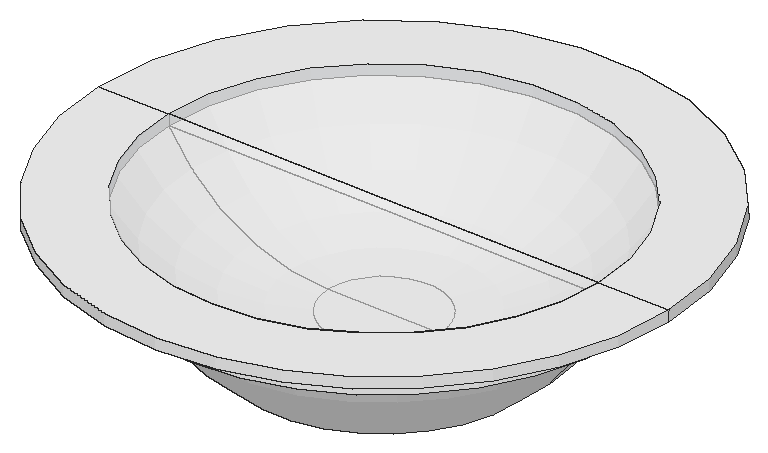
Revit family "0030332 Sylvania Lighting Fixture START Downlight 150 IP44 DALI 1150Lm 830", category Lighting Fixtures, host Face, Revit 2016
Family settings
  Host = Face
  Part Type = Normal
  Round Connector Dimension = Use Diameter
  OmniClass Number = 23.80.70.00
  OmniClass Title = Lighting
  Cut with Voids When Loaded = No
  Light Source = Yes
  Shared = No
  Room Calculation Point = No
Parameters (values of type "0030332 ST DOWNLIGHT 150 IP44 DALI 1150LM 830")
  Weight = "5.7 kg"
  Wattage Comments = ""
  Wattage = 12 W
  WarrantyStartDate [instance] = "n/a"
  WarrantyGuarantorParts = "n/a"
  WarrantyDurationUnit = "n/a"
  WarrantyDurationParts = "n/a"
  WarrantyDescription = "n/a"
  built-in parameter 1150110 = 1 (stored number, unit not read)
  Voltage = 230 V
  URL = "http://www.sylvania-lighting.com"
  TypeName = "START Downlight 150 IP44 DALI 1150Lm 830"
  Type Image = <None>
  Type Comments = "n/a"
  built-in parameter 1114217 = 1 (stored number, unit not read)
  Tilt Angle = -90.00°
  built-in parameter 1150109 = 1 (stored number, unit not read)
  built-in parameter 1150134 = (empty or 0)
  built-in parameter 1150113 = 1 (stored number, unit not read)
  SerialNumber [instance] = "n/a"
  S_SYL = yes
  RadiusTop_SYL = if(S_SYL, 80 mm, if(M_SYL, 100 mm, if(L_SYL, 120 mm, 120 mm)))  # 80 mm
  Photometric Web File = "0030332.ies"
  Material_3_FEILO = Top-Sylvania-STARTDownlight
  PowerFactor = 0.9
  PowerConsumption = "12 W"
  NominalLength = 165 mm
  NominalHeight = 45 mm
  NominalDepth = 165 mm
  Name = "START Downlight 150 IP44 DALI 1150Lm 830"
  ModelReference = Name  # "START Downlight 150 IP44 DALI 1150Lm 830"
  ModelNumber = "0030332"
  Model = Name  # "START Downlight 150 IP44 DALI 1150Lm 830"
  Material = "aluminium housing, polycarbonate diffuser"
  ManufacturerName = "Feilo Sylvania"
  Manufacturer = "Feilo Sylvania"
  M_SYL = no
  LuminousEfficacy = "96.07 lm/W"
  built-in parameter 1150105 = 661.9 (stored number, unit not read)
  Lumens = 1152.85 lm
  LuminaireType = ""
  built-in parameter 1150115 = 1 (stored number, unit not read)
  LightOutputRatio = "100"
  built-in parameter 1150137 = (empty or 0)
  built-in parameter 1150139 = (empty or 0)
  LampsType = Lamp  # "LED"
  LampNominalLuminous = "1152 lm"
  LampMacAdamStep = "5"
  LampColourTemperature = "3000 K"
  LampColourRenderingIndex = "80"
  built-in parameter 1150112 = 1 (stored number, unit not read)
  built-in parameter 1150114 = 1 (stored number, unit not read)
  Lamp = "LED"
  L_SYL = no
  Keynote = "16500"
  InstallationDate [instance] = "n/a"
  InputVoltage = "220-240V~"
  InputNominalFrequency = "50/60 Hz"
  built-in parameter 1150132 = (empty or 0)
  built-in parameter 1150102 = (empty or 0)
  built-in parameter 1150107 = 3000 (stored number, unit not read)
  built-in parameter 1150138 = (empty or 0)
  IngressProtection = "IP20/44"
  ImpactProtectionIndex = "IK07"
  built-in parameter 1150106 = 6.619 (stored number, unit not read)
  IfcExportType = "IfcLightFixtureType"
  IfcExportAs = "IfcLightFixtureType"
  Height_SYL = if(S_SYL, 41 mm, if(M_SYL, 47 mm, if(L_SYL, 56 mm, 62 mm)))  # 41 mm
  ExpectedLife = 50000
  Emit from Circle Diameter = Diameter_SYL - 40 mm  # 124 mm
  Emit Shape Visible in Rendering = no
  ElectricShockClassification = "Class II"
  built-in parameter 1150104 = 8.9253 (stored number, unit not read)
  DurationUnit = "hours"
  DocumentationLiterature = "http://www.sylvania-lighting.com/product/en-int/products/0030332"
  DimmingControlOptions = "Dimmable"
  Material_2_FEILO = Diffuser-Sylvania-STARTDownlight
  Dimming Lamp Color Temperature Shift = <None>
  Diameter_SYL = if(S_SYL, 164 mm, if(M_SYL, 193 mm, if(L_SYL, 220 mm, 240 mm)))  # 164 mm
  DiameterTop_SYL = if(S_SYL, 77 mm, if(M_SYL, 81 mm, if(L_SYL, 104 mm, 105 mm)))  # 77 mm
  DiameterRecess_SYL = if(S_SYL, 141 mm, if(M_SYL, 169 mm, if(L_SYL, 198 mm, 216 mm)))  # 141 mm
  Description = ""
  Default Elevation = 1219.2 mm
  CreatedOn = "8/1/2018"
  CreatedBy = "@sylvania-lighting.com"
  Cost = 0
  Color Filter = 16777215
  built-in parameter 1114216 [instance] = (empty or 0)
  ClassificationValue = "EF_70_80"
  ClassificationName = "Uniclass2015"
  Material_1_FEILO = Trim-Sylvania-STARTDownlight-White
  BarCode [instance] = "n/a"
  built-in parameter 1114218 = 1 (stored number, unit not read)
  built-in parameter 1150133 = 10 (stored number, unit not read)
  AssetType = "Fixed"
  AssetIdentifier [instance] = "n/a"
  Assembly Code = "D5020200"
  Apparent Load = 12 VA
  Material_4_FEILO = LED-Sylvania-STARTDownlight
Reference planes
  plane 1 "Center (Front/Back)": y = 0
  plane 2: z = 0
  plane 3 "Center (Left/Right)": x = 0
  plane 4: x = 82
  plane 5: x = -82
  plane 6: z = 3
  plane 7: z = -8
  plane 8: z = -36
  plane 9: z = -38
  plane 10: x = -70.5
  plane 11: x = 70.5
  plane 12: x = -38.5
  plane 13: x = 38.5
  plane 14: x = -62
  plane 15: x = 62
  plane 16: z = -85
  plane 17: x = -62
  plane 18: z = 2
  plane 19: z = -26
  plane 20: x = -16
Forms (mm)
  Revolve 1, solid
    sketch origin (0, 0, 0) x (1, 0, 0) y (0, 0, 1)
      loop
        line (-82, 3) -> (-82, 0) -> (-70.5, 0) -> (-70.5, -8) -> (-62, -8)
        arc (-62, -8) -> (-51.871, -23.36) -> (-38.5, -36) r 80
        line (-38.5, -36) -> (0, -36) -> (0, -26) -> (-16, -26)
        arc (-16, -26) -> (-42.42, -19.05) -> (-62, 0) r 53.692
        line (-62, 0) -> (-62, 3) -> (-82, 3)
      axis (0, 3) -> (0, -36)
    angle from 360 to 0
  Revolve 2, void
    sketch origin (0, 0, 0) x (1, 0, 0) y (0, 0, 1)
      loop
        line (0, 0) -> (-70.5, 0) -> (-70.5, -85) -> (0, -85) -> (0, 0)
      axis (0, 0) -> (0, -85)
    angle from 360 to 0
  Revolve 3, solid, material "Diffuser-Sylvania-STARTDownlight" <- "Material_2_FEILO"
    sketch origin (0, 0, 0) x (1, 0, 0) y (0, 0, 1)
      loop
        line (-62, 3) -> (-62, 0) -> (0, 0) -> (0, 3) -> (-62, 3)
      axis (0, 3) -> (0, 0)
    angle from 360 to 0
Dimensions and locks
  equal spacing: plane 4, plane 3 "Center (Left/Right)", plane 5
  "Diameter_SYL": plane 4 to plane 5
  equal spacing: plane 11, plane 3 "Center (Left/Right)", plane 10
  equal spacing: plane 13, plane 3 "Center (Left/Right)", plane 12
  "DiameterTop_SYL": plane 13 to plane 12
  equal spacing: plane 15, plane 3 "Center (Left/Right)", plane 14
  locked: plane 6 to plane 2 at 3
  "Height_SYL": plane 6 to plane 9
  locked: plane 8 to plane 9 at 2
  locked: plane 2 to plane 7 at 8
  locked: plane 2 to plane 16 at 85
  locked: plane 17 to plane 5 at 20
  locked: plane 6 to plane 18 at 1
  "DiameterRecess_SYL": plane 11 to plane 10
  locked: plane 19 to plane 8 at 10
  locked: plane 3 "Center (Left/Right)" to plane 20 at 16
  locked: plane 14 to plane 5 at 20
  "RadiusTop_SYL": radius of Revolve 1 sketch curve
  aligned and locked: plane 2 to host face
  aligned and locked: level to host face
  aligned and locked: Revolve 1 sketch curve to plane 5
  aligned and locked: Revolve 1 sketch curve to level
  aligned and locked: plane 7 to Revolve 1 sketch curve
  aligned and locked: Revolve 1 sketch curve to plane 10
  aligned and locked: plane 14 to Revolve 1 sketch curve
  aligned and locked: plane 3 "Center (Left/Right)" to Revolve 1 sketch curve
  aligned and locked: Revolve 1 sketch curve to plane 8
  aligned and locked: Revolve 1 sketch curve to plane 3 "Center (Left/Right)"
  aligned and locked: Revolve 2 sketch curve to plane 3 "Center (Left/Right)"
  aligned and locked: plane 3 "Center (Left/Right)" to Revolve 2 sketch curve
  aligned and locked: Revolve 2 sketch curve to plane 10
  aligned and locked: plane 16 to Revolve 2 sketch curve
  aligned and locked: Revolve 1 sketch curve to plane 6
  aligned and locked: plane 19 to Revolve 1 sketch curve
  aligned and locked: plane 20 to Revolve 1 sketch curve
  aligned and locked: Revolve 1 sketch curve to Revolve 1 sketch curve
  aligned and locked: plane 17 to Revolve 1 sketch curve
  aligned and locked: plane 2 to Revolve 1 sketch curve
  aligned and locked: Revolve 3 sketch curve to plane 3 "Center (Left/Right)"  (x2)
  aligned and locked: plane 3 "Center (Left/Right)" to imposter light
  aligned and locked: imposter light to plane 18
  aligned and locked: imposter light to plane 1 "Center (Front/Back)"
  aligned and locked: plane 14 to Revolve 3 sketch curve
Automatic sketch dimensions
  host sketch curve to host sketch curve = 2438.4 mm  (x2)
  plane 16 to Revolve 2 sketch curve = 524.6 mm
  Revolve 2 sketch curve to plane 6 = 2606.058 mm
  Revolve 1 sketch curve to plane 12 = 0 mm
  plane 16 to Revolve 1 sketch curve = 524.6 mm
  Revolve 1 sketch curve to Revolve 1 sketch curve = 2581.366 mm
  Revolve 2 sketch curve to level = 0 mm
  Revolve 3 sketch curve to plane 6 = 0 mm
  Revolve 3 sketch curve to level = 0 mm
  plane 16 to Revolve 3 sketch curve = 524.6 mm
  Revolve 3 sketch curve to Revolve 3 sketch curve = 2606.058 mm
Connectors
  electrical at (0, 0, 0), driven by "Apparent Load", driven by "PowerFactor", driven by "Voltage"
    settings: index 1, voltage 230 V, apparent load 12 VA, apparent load phase1 0 VA, apparent load phase2 0 VA, apparent load phase3 0 VA, power factor 0.9, load classification "Lighting", number of poles 1, system type 30, power factor state 1, is connector primary yes, connector utility no, sub classification motor no, connector description ""
